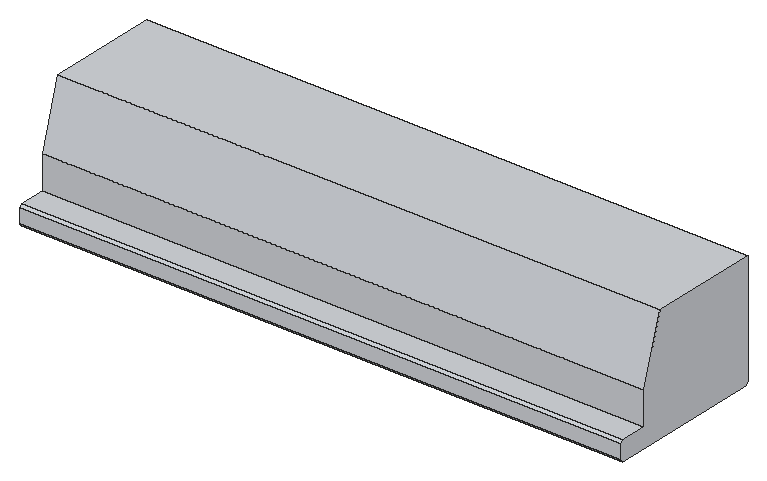
Revit family "LBE_Precast-Console Beam_Spæncom", category Structural Framing, Revit 2014
Parameters (values of type "LBE 66/40")
  Structural Material [instance] = none
  Model = "LBE 66/40"
  Middle top beam [instance] = Width beam top / 2  # 230 mm
  Middle of the beam [instance] = Width element / 2  # 330 mm
  Manufacturer = "Spæncom"
  Length [instance] = 3000 mm
  Console width = 120 mm  # constant formula
  Height (bjælkekroppen) = 140 mm  # constant formula
  Console thickness = 80 mm  # constant formula
  Height element = 480 mm
  Width element = 660 mm
  Width beam top = 460 mm
Types (9, lengths in mm): name | Model | Middle top beam | Middle of the beam | Height element | Width element | Width beam top
  (no name) | "LBE 66/40" | 230 | 330 | 480 | 660 | 460
  LBE 50/22 | "LBE 50/22" | 177.5 | 250 | 300 | 500 | 355
  LBE 50/27 | "LBE 50/27" | 170 | 250 | 350 | 500 | 340
  LBE 50/32 | "LBE 50/32" | 162.5 | 250 | 400 | 500 | 325
  LBE 50/40 | "LBE 50/40" | 150 | 250 | 480 | 500 | 300
  LBE 66/22 | "LBE 66/22" | 257.5 | 330 | 300 | 660 | 515
  LBE 66(27 | "LBE 66/27" | 250 | 330 | 350 | 660 | 500
  LBE 66/32 | "LBE 66/32" | 242.5 | 330 | 400 | 660 | 485
  LBE 66/40 | "LBE 66/40" | 230 | 330 | 480 | 660 | 460
Reference planes
  plane 1 "Center (Front/Back)": y = 0
  plane 2 "Center Elevation": z = 0
  plane 3 "Center (Left/Right)": x = 0
  plane 4 "Left": x = -1500
  plane 5 "Member Left": x = -1250
  plane 6 "Stick Symbol Left": x = -1000
  plane 7 "Right": x = 1500
  plane 8 "Member Right": x = 1250
  plane 9 "Stick Symbol Right": x = 1000
Forms (mm)
  Extrusion 1, solid, material <- "Structural Material"
    sketch origin (0, 0, 0) x (0, 1, 0) y (0, 0, 1)
      loop
        line (230, 480) -> (-230, 480) -> (-310, 220) -> (-310, 80) -> (-420, 80) -> (-430, 70) -> (-430, 10) -> (-420, 0) -> (220, 0) -> (230, 10) -> (230, 480)
    from -1250 to 1250
Dimensions and locks
  equal spacing: plane 4 "Left", plane 3 "Center (Left/Right)", plane 7 "Right"
  "Length": plane 4 "Left" to plane 7 "Right"
  "Height element": Extrusion 1 sketch curve to level
  "Width element": Extrusion 1 sketch curve to Extrusion 1 sketch curve
  "Console thickness": Extrusion 1 sketch curve to Extrusion 1 sketch curve
  "Height (bjælkekroppen)": Extrusion 1 sketch curve to Extrusion 1 sketch curve
  "Middle top beam": plane 1 "Center (Front/Back)" to Extrusion 1 sketch curve
  "Width beam top": Extrusion 1 sketch curve to Extrusion 1 sketch curve
  "Console width": Extrusion 1 sketch curve to Extrusion 1 sketch curve
  Extrusion 1 to Extrusion 1 = 540 mm
  Extrusion 1 to plane 1 "Center (Front/Back)" = 230 mm
  plane 1 "Center (Front/Back)" to Extrusion 1 = 230 mm
  Extrusion 1 to Extrusion 1 = 480 mm
  Extrusion 1 to Extrusion 1 = 660 mm
  Extrusion 1 to Extrusion 1 = 120 mm
  Extrusion 1 to Extrusion 1 = 80 mm  (x2)
  Extrusion 1 to Extrusion 1 = 140 mm
  Extrusion 1 to Extrusion 1 = 400 mm
  Extrusion 1 to Extrusion 1 = 260 mm
  aligned and locked: level to plane 2 "Center Elevation"
  aligned and locked: plane 5 "Member Left" to Extrusion 1
  aligned and locked: Extrusion 1 to plane 8 "Member Right"
  aligned and locked: Extrusion 1 sketch curve to level
Automatic sketch dimensions
  Extrusion 1 sketch curve to Extrusion 1 sketch curve = 10 mm  (x4)
  level to Extrusion 1 sketch curve = 10 mm  (x2)
